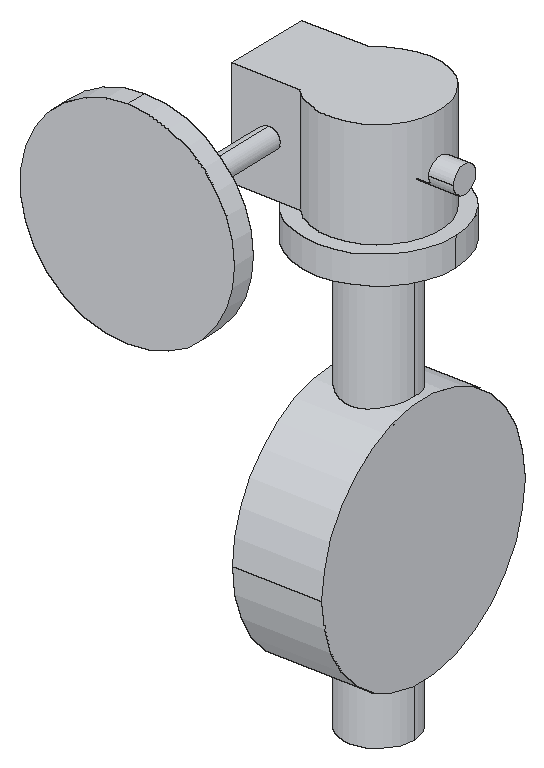
Revit family "HS497-67_disk-litina-převodové kolo DN100-RFA_2018", category Pipe Accessories, Revit 2018
Family settings
  Round Connector Dimension = Use Diameter
  Part Type = Valve - Breaks Into
  Work Plane-Based = No
  Always vertical = Yes
  Cut with Voids When Loaded = No
  Shared = No
Parameters (values of type "HS 497-67_DN100_PN16_převodové kolo")
  magiProductId = "11e91b807e674d428c8e796fcdcfe2"
  magiProductFamilyId = "53cea81e6f374d17b8841d9c72ad77"
  magiPartTypeId = 305
  isMeasuringValve [instance] = no
  ang2D [instance] = 0.00°
  X11 = 61.456 mm
  X1 = 25.456 mm
  W2D = 1000 mm
  VersionID = "2.0/2017.9.26.1/ZETKAMA_497_001"
  Use Minimum Symbol Size [instance] = yes
  URL = "http://www.hydronic.cz"
  Type Comments = "mezipřírubová; litinový disk; PN16; -10~+110°C (krátkodobě +120°C)"
  SW30 = yes
  SW3 = yes
  SW21 = no
  SW20 = no
  SW2 = no
  SW1 = no
  R = 50 mm
  QmdConnectorList = "301;D;302;D"
  Productdata [instance] = ""
  NC = 50 mm
  Model = ""
  Manufacturer = "Hydronic Systems Prague s.r.o."
  MM20 = 25.456 mm
  MC Product Code = "125 100 (litinový disk, s převodovým kolem; DN100; PN16, kvs512)"
  M41 = 65.25 mm
  M4 = 43.5 mm
  LHL = 220 mm
  LHH3 = 2.45 mm
  LHH1 = 46.55 mm
  LH1 = 73.333 mm
  L4R__ve = -L4R  # -12.8 mm
  L4R = 12.8 mm
  L42__ve = -L42  # -96 mm
  L42 = 96 mm
  L41__ve = -L41  # -19.2 mm
  L41 = 19.2 mm
  L2D_Min = 3048 mm
  L2D = 216 mm
  L2 = 26 mm
  L1 = 41.6 mm
  L = 52 mm
  H = 30 mm
  G22 = 11.25 mm
  G2 = 22.5 mm
  G1 = 90 mm
  G = 90 mm
  F = 11 mm
  E44 = 31.25 mm
  E42 = 62.5 mm
  E4 = 125 mm
  E23 = 4.9 mm
  E22 = 19.6 mm
  E21 = 9.8 mm
  Description = "Mezipřírubová uzavírací klapka s převodovým kolem; litinový disk, DN100; PN16; kvs512"
  DR2 = 50 mm
  DR = 147 mm
  DD1 = 15.625 mm
  DD = 12.5 mm
  D = 100 mm
  CAT0 = yes
  B2__ve = -B2  # -56 mm
  B2 = 56 mm
  A2 = 16.5 mm
  A1 = 98.5 mm
Types (43, lengths in mm): name | magiProductId | X11 | X1 | Type Comments | SW30 | SW3 | SW20 | SW2 | SW1 | R | NC | MM20 | MC Product Code | M41 | M4 | LHL | LHH3 | LHH1 | LH1 | L4R__ve | L4R | L42__ve | L42 | L41__ve | L41 | L2 | L1 | L | H | G | F | E44 | E42 | E4 | E23 | E22 | E21 | Description | DR2 | DR | DD1 | DD | D | B2__ve | B2 | A2 | A1
  HS 497-67_DN100_PN16_volné vřeteno | "65d1b245f4f142c78569c0602d5754" | 61.456 | 25.456 | "mezipřírubová; litinový disk; PN16; -10~+110°C (krátkodobě +120°C)" | no | no | no | no | yes | 50 | 50 | 25.456 | "123 100 (litinový disk, s volným vřetenem; DN100; PN16, kvs512)" | 66 | 44 | 220 | 2.45 | 46.55 | 73.333 | -12.8 | 12.8 | -96 | 96 | -19.2 | 19.2 | 26 | 41.6 | 52 | 30 | 90 | 11 | 31.25 | 62.5 | 125 | 4.9 | 19.6 | 9.8 | "Mezipřírubová uzavírací klapka s volným vřetenem; litinový disk, DN100; PN16; kvs512" | 50 | 147 | 15.625 | 12.5 | 100 | -56 | 56 | 16.5 | 98.5
  HS 497-67_DN100_PN16_převodové kolo | "11e91b807e674d428c8e796fcdcfe2" | 61.456 | 25.456 | "mezipřírubová; litinový disk; PN16; -10~+110°C (krátkodobě +120°C)" | yes | yes | no | no | no | 50 | 50 | 25.456 | "125 100 (litinový disk, s převodovým kolem; DN100; PN16, kvs512)" | 65.25 | 43.5 | 220 | 2.45 | 46.55 | 73.333 | -12.8 | 12.8 | -96 | 96 | -19.2 | 19.2 | 26 | 41.6 | 52 | 30 | 90 | 11 | 31.25 | 62.5 | 125 | 4.9 | 19.6 | 9.8 | "Mezipřírubová uzavírací klapka s převodovým kolem; litinový disk, DN100; PN16; kvs512" | 50 | 147 | 15.625 | 12.5 | 100 | -56 | 56 | 16.5 | 98.5
  HS 497-67_DN100_PN16_s pákou | "28172f0b3f4b47b28323ac71cf8749" | 61.456 | 25.456 | "mezipřírubová; litinový disk; PN16; -10~+110°C (krátkodobě +120°C)" | no | no | yes | yes | no | 50 | 50 | 25.456 | "120 100 (litinový disk, s pákou; DN100; PN16, kvs512)" | 66 | 44 | 260 | 3 | 57 | 86.667 | -12.8 | 12.8 | -96 | 96 | -19.2 | 19.2 | 26 | 41.6 | 52 | 30 | 90 | 11 | 31.25 | 62.5 | 125 | 6 | 24 | 12 | "Mezipřírubová uzavírací klapka s pákou; litinový disk, DN100; PN16; kvs512" | 50 | 147 | 15.625 | 12.5 | 100 | -56 | 56 | 16.5 | 98.5
  HS 497-67_DN125_PN16_volné vřeteno | "0d813d910fc14f628bb3c2efbd185c" | 61.456 | 25.456 | "mezipřírubová; litinový disk; PN16; -10~+110°C (krátkodobě +120°C)" | no | no | no | no | yes | 62.5 | 50 | 25.456 | "123 125 (litinový disk, s volným vřetenem; DN125; PN16, kvs872)" | 66 | 44 | 220 | 2.45 | 46.55 | 73.333 | -12.8 | 12.8 | -96 | 96 | -19.2 | 19.2 | 28 | 44.8 | 56 | 33 | 90 | 14 | 31.25 | 62.5 | 125 | 4.9 | 19.6 | 9.8 | "Mezipřírubová uzavírací klapka s volným vřetenem; litinový disk, DN125; PN16; kvs872" | 62.5 | 180 | 15.625 | 12.5 | 125 | -64 | 64 | 18 | 99.5
  HS 497-67_DN125_PN16_převodové kolo | "c56b7c13f372467684996fb1e0e229" | 61.456 | 25.456 | "mezipřírubová; litinový disk; PN16; -10~+110°C (krátkodobě +120°C)" | yes | yes | no | no | no | 62.5 | 50 | 25.456 | "125 125 (litinový disk, s převodovým kolem; DN125; PN16, kvs872)" | 65.25 | 43.5 | 220 | 2.45 | 46.55 | 73.333 | -13.5 | 13.5 | -101.25 | 101.25 | -20.25 | 20.25 | 28 | 44.8 | 56 | 33 | 90 | 14 | 40 | 80 | 160 | 4.9 | 19.6 | 9.8 | "Mezipřírubová uzavírací klapka s převodovým kolem; litinový disk, DN125; PN16; kvs872" | 62.5 | 180 | 20 | 16 | 125 | -64 | 64 | 18 | 99.5
  HS 497-67_DN125_PN16_s pákou | "105993c79a91492399feef7931321a" | 61.456 | 25.456 | "mezipřírubová; litinový disk; PN16; -10~+110°C (krátkodobě +120°C)" | no | no | yes | yes | no | 62.5 | 50 | 25.456 | "120 125 (litinový disk, s pákou; DN125; PN16, kvs872)" | 66 | 44 | 315 | 3.75 | 71.25 | 105 | -12.8 | 12.8 | -96 | 96 | -19.2 | 19.2 | 28 | 44.8 | 56 | 33 | 90 | 14 | 31.25 | 62.5 | 125 | 7.5 | 30 | 15 | "Mezipřírubová uzavírací klapka s pákou; litinový disk, DN125; PN16; kvs872" | 62.5 | 180 | 15.625 | 12.5 | 125 | -64 | 64 | 18 | 99.5
  HS 497-67_DN150_PN16_volné vřeteno | "50c80cb8ab434f55ab7796e5ac1331" | 61.456 | 25.456 | "mezipřírubová; litinový disk; PN16; -10~+110°C (krátkodobě +120°C)" | no | no | no | no | yes | 75 | 50 | 25.456 | "123 150 (litinový disk, s volným vřetenem; DN150; PN16, kvs1347)" | 66 | 44 | 220 | 2.45 | 46.55 | 73.333 | -12.8 | 12.8 | -96 | 96 | -19.2 | 19.2 | 28 | 44.8 | 56 | 33 | 90 | 14 | 31.25 | 62.5 | 125 | 4.9 | 19.6 | 9.8 | "Mezipřírubová uzavírací klapka s volným vřetenem; litinový disk, DN150; PN16; kvs1347" | 75 | 206 | 15.625 | 12.5 | 150 | -58 | 58 | 19.3 | 98.7
  HS 497-67_DN150_PN16_převodové kolo | "d94a1a0cf83b476eb10011b327f709" | 61.456 | 25.456 | "mezipřírubová; litinový disk; PN16; -10~+110°C (krátkodobě +120°C)" | yes | yes | no | no | no | 75 | 50 | 25.456 | "125 150 (litinový disk, s převodovým kolem; DN150; PN16, kvs1347)" | 65.25 | 43.5 | 220 | 2.45 | 46.55 | 73.333 | -13.5 | 13.5 | -101.25 | 101.25 | -20.25 | 20.25 | 28 | 44.8 | 56 | 33 | 90 | 14 | 40 | 80 | 160 | 4.9 | 19.6 | 9.8 | "Mezipřírubová uzavírací klapka s převodovým kolem; litinový disk, DN150; PN16; kvs1347" | 75 | 206 | 20 | 16 | 150 | -58 | 58 | 19.3 | 98.7
  HS 497-67_DN150_PN16_s pákou | "4d2835523fe84828bc50ff0a5a0dfb" | 61.456 | 25.456 | "mezipřírubová; litinový disk; PN16; -10~+110°C (krátkodobě +120°C)" | no | no | yes | yes | no | 75 | 50 | 25.456 | "120 150 (litinový disk, s pákou; DN150; PN16, kvs1347)" | 66 | 44 | 315 | 3.75 | 71.25 | 105 | -12.8 | 12.8 | -96 | 96 | -19.2 | 19.2 | 28 | 44.8 | 56 | 33 | 90 | 14 | 31.25 | 62.5 | 125 | 7.5 | 30 | 15 | "Mezipřírubová uzavírací klapka s pákou; litinový disk, DN150; PN16; kvs1347" | 75 | 206 | 15.625 | 12.5 | 150 | -58 | 58 | 19.3 | 98.7
  HS 497-67_DN200_PN16_volné vřeteno | "5b29029eaeba47139ee1055a4b9201" | 61.456 | 25.456 | "mezipřírubová; litinový disk; PN16; -10~+110°C (krátkodobě +120°C)" | no | no | no | no | yes | 100 | 50 | 25.456 | "123 200 (litinový disk, s volným vřetenem; DN200; PN16, kvs2675)" | 66 | 44 | 220 | 2.45 | 46.55 | 73.333 | -12.8 | 12.8 | -96 | 96 | -19.2 | 19.2 | 30 | 48 | 60 | 33 | 90 | 17 | 31.25 | 62.5 | 125 | 4.9 | 19.6 | 9.8 | "Mezipřírubová uzavírací klapka s volným vřetenem; litinový disk, DN200; PN16; kvs2675" | 100 | 257 | 15.625 | 12.5 | 200 | -70 | 70 | 22.5 | 102.5
  HS 497-67_DN200_PN16_převodové kolo | "b2793cc1fcc44cf2a35062cd67c04f" | 61.456 | 25.456 | "mezipřírubová; litinový disk; PN16; -10~+110°C (krátkodobě +120°C)" | yes | yes | no | no | no | 100 | 57 | 25.456 | "125 200 (litinový disk, s převodovým kolem; DN200; PN16, kvs2675)" | 78.75 | 52.5 | 220 | 2.45 | 46.55 | 73.333 | -15.2 | 15.2 | -114 | 114 | -22.8 | 22.8 | 30 | 48 | 60 | 33 | 90 | 17 | 50 | 100 | 200 | 4.9 | 19.6 | 9.8 | "Mezipřírubová uzavírací klapka s převodovým kolem; litinový disk, DN200; PN16; kvs2675" | 100 | 257 | 25 | 20 | 200 | -70 | 70 | 22.5 | 102.5
  HS 497-67_DN200_PN16_s pákou | "f88d96c7af224537a51e72d7d8fffe" | 61.456 | 25.456 | "mezipřírubová; litinový disk; PN16; -10~+110°C (krátkodobě +120°C)" | no | no | yes | yes | no | 100 | 50 | 25.456 | "120 200 (litinový disk, s pákou; DN200; PN16, kvs2675)" | 66 | 44 | 315 | 3.75 | 71.25 | 105 | -12.8 | 12.8 | -96 | 96 | -19.2 | 19.2 | 30 | 48 | 60 | 33 | 90 | 17 | 31.25 | 62.5 | 125 | 7.5 | 30 | 15 | "Mezipřírubová uzavírací klapka s pákou; litinový disk, DN200; PN16; kvs2675" | 100 | 257 | 15.625 | 12.5 | 200 | -70 | 70 | 22.5 | 102.5
  HS 497-67_DN250_PN16_volné vřeteno | "b662e8305ca2402b9c510e66e6aa55" | 88.77 | 36.77 | "mezipřírubová; litinový disk; PN16; -10~+110°C (krátkodobě +120°C)" | no | no | no | no | yes | 125 | 50 | 36.77 | "123 250 (litinový disk, s volným vřetenem; DN250; PN16, kvs4555)" | 66 | 44 | 220 | 2.45 | 46.55 | 73.333 | -12.8 | 12.8 | -96 | 96 | -19.2 | 19.2 | 34 | 54.4 | 68 | 23 | 130 | 22 | 31.25 | 62.5 | 125 | 4.9 | 19.6 | 9.8 | "Mezipřírubová uzavírací klapka s volným vřetenem; litinový disk, DN250; PN16; kvs4555" | 125 | 324 | 15.625 | 12.5 | 250 | -85 | 85 | 28.25 | 129.25
  HS 497-67_DN250_PN16_převodové kolo | "5ee9016806664ddfaa2632711f295c" | 88.77 | 36.77 | "mezipřírubová; litinový disk; PN16; -10~+110°C (krátkodobě +120°C)" | yes | yes | no | no | no | 125 | 70 | 36.77 | "125 250 (litinový disk, s převodovým kolem; DN250; PN16, kvs4555)" | 91.5 | 61 | 220 | 2.45 | 46.55 | 73.333 | -22.2 | 22.2 | -166.5 | 166.5 | -33.3 | 33.3 | 34 | 54.4 | 68 | 23 | 130 | 22 | 62.5 | 125 | 250 | 4.9 | 19.6 | 9.8 | "Mezipřírubová uzavírací klapka s převodovým kolem; litinový disk, DN250; PN16; kvs4555" | 125 | 324 | 31.25 | 25 | 250 | -85 | 85 | 28.25 | 129.25
  HS 497-67_DN300_PN16_volné vřeteno | "e1886f51ff004380a649519258edf2" | 88.77 | 36.77 | "mezipřírubová; litinový disk; PN16; -10~+110°C (krátkodobě +120°C)" | no | no | no | no | yes | 150 | 50 | 36.77 | "123 300 (litinový disk, s volným vřetenem; DN300; PN16, kvs7037)" | 66 | 44 | 220 | 2.45 | 46.55 | 73.333 | -12.8 | 12.8 | -96 | 96 | -19.2 | 19.2 | 39 | 62.4 | 78 | 23 | 130 | 22 | 31.25 | 62.5 | 125 | 4.9 | 19.6 | 9.8 | "Mezipřírubová uzavírací klapka s volným vřetenem; litinový disk, DN300; PN16; kvs7037" | 150 | 376 | 15.625 | 12.5 | 300 | -90 | 90 | 30.8 | 127.2
  HS 497-67_DN300_PN16_převodové kolo | "6860f094f77d42088fbebc3c97f755" | 88.77 | 36.77 | "mezipřírubová; litinový disk; PN16; -10~+110°C (krátkodobě +120°C)" | yes | yes | no | no | no | 150 | 70 | 36.77 | "125 300 (litinový disk, s převodovým kolem; DN300; PN16, kvs7037)" | 91.5 | 61 | 220 | 2.45 | 46.55 | 73.333 | -22.2 | 22.2 | -166.5 | 166.5 | -33.3 | 33.3 | 39 | 62.4 | 78 | 23 | 130 | 22 | 62.5 | 125 | 250 | 4.9 | 19.6 | 9.8 | "Mezipřírubová uzavírací klapka s převodovým kolem; litinový disk, DN300; PN16; kvs7037" | 150 | 376 | 31.25 | 25 | 300 | -90 | 90 | 30.8 | 127.2
  HS 497-67_DN032_PN16_volné vřeteno | "8c5f65de52aa4067a77564107e31b2" | 61.456 | 25.456 | "mezipřírubová; litinový disk; PN16; -10~+110°C (krátkodobě +120°C)" | no | no | no | no | yes | 16 | 50 | 25.456 | "123 032 (litinový disk, s volným vřetenem; DN32; PN16, kvs78)" | 66 | 44 | 220 | 2.45 | 46.55 | 73.333 | -12.8 | 12.8 | -96 | 96 | -19.2 | 19.2 | 16.5 | 26.4 | 33 | 30 | 90 | 11 | 31.25 | 62.5 | 125 | 4.9 | 19.6 | 9.8 | "Mezipřírubová uzavírací klapka s volným vřetenem; litinový disk, DN32; PN16; kvs78" | 16 | 68 | 15.625 | 12.5 | 32 | -44.2 | 44.2 | 10.25 | 76.25
  HS 497-67_DN032_PN16_převodové kolo | "60aaeffa8b3a4e809ef000e4660060" | 61.456 | 25.456 | "mezipřírubová; litinový disk; PN16; -10~+110°C (krátkodobě +120°C)" | yes | yes | no | no | no | 16 | 50 | 25.456 | "125 032 (litinový disk, s převodovým kolem; DN32; PN16, kvs78)" | 65.25 | 43.5 | 220 | 2.45 | 46.55 | 73.333 | -12.8 | 12.8 | -96 | 96 | -19.2 | 19.2 | 16.5 | 26.4 | 33 | 30 | 90 | 11 | 31.25 | 62.5 | 125 | 4.9 | 19.6 | 9.8 | "Mezipřírubová uzavírací klapka s převodovým kolem; litinový disk, DN32; PN16; kvs78" | 16 | 68 | 15.625 | 12.5 | 32 | -44.2 | 44.2 | 10.25 | 76.25
  HS 497-67_DN032_PN16_s pákou | "9ad8088d610749a1b871aa2aad8007" | 61.456 | 25.456 | "mezipřírubová; litinový disk; PN16; -10~+110°C (krátkodobě +120°C)" | no | no | yes | yes | no | 16 | 50 | 25.456 | "120 032 (litinový disk, s pákou; DN32; PN16, kvs78)" | 66 | 44 | 220 | 2.45 | 46.55 | 73.333 | -12.8 | 12.8 | -96 | 96 | -19.2 | 19.2 | 16.5 | 26.4 | 33 | 30 | 90 | 11 | 31.25 | 62.5 | 125 | 4.9 | 19.6 | 9.8 | "Mezipřírubová uzavírací klapka s pákou; litinový disk, DN32; PN16; kvs78" | 16 | 68 | 15.625 | 12.5 | 32 | -44.2 | 44.2 | 10.25 | 76.25
  HS 497-67_DN350_PN10_volné vřeteno | "72a1e05f22944421b7e9596a877137" | 109.255 | 45.255 | "mezipřírubová; litinový disk; PN10; -10~+110°C (krátkodobě +120°C)" | no | no | no | no | yes | 175 | 50 | 45.255 | "123 350 (litinový disk, s volným vřetenem; DN350; PN10, kvs10165)" | 66 | 44 | 220 | 2.45 | 46.55 | 73.333 | -12.8 | 12.8 | -96 | 96 | -19.2 | 19.2 | 39 | 62.4 | 78 | 31 | 160 | 22 | 31.25 | 62.5 | 125 | 4.9 | 19.6 | 9.8 | "Mezipřírubová uzavírací klapka s volným vřetenem; litinový disk, DN350; PN10; kvs10165" | 175 | 430 | 15.625 | 12.5 | 350 | -88 | 88 | 33.85 | 129.65
  HS 497-67_DN350_PN10_převodové kolo | "a5a01426cb28494ba3afca92f1dace" | 109.255 | 45.255 | "mezipřírubová; litinový disk; PN10; -10~+110°C (krátkodobě +120°C)" | yes | yes | no | no | no | 175 | 70 | 45.255 | "125 350 (litinový disk, s převodovým kolem; DN350; PN10, kvs10165)" | 91.5 | 61 | 220 | 2.45 | 46.55 | 73.333 | -22.2 | 22.2 | -166.5 | 166.5 | -33.3 | 33.3 | 39 | 62.4 | 78 | 31 | 160 | 22 | 62.5 | 125 | 250 | 4.9 | 19.6 | 9.8 | "Mezipřírubová uzavírací klapka s převodovým kolem; litinový disk, DN350; PN10; kvs10165" | 175 | 430 | 31.25 | 25 | 350 | -88 | 88 | 33.85 | 129.65
  HS 497-67_DN400_PN10_volné vřeteno | "c70ebeb927c04ab99b176e257ad0a7" | 109.255 | 45.255 | "mezipřírubová; litinový disk; PN10; -10~+110°C (krátkodobě +120°C)" | no | no | no | no | yes | 200 | 50 | 45.255 | "123 400 (litinový disk, s volným vřetenem; DN400; PN10, kvs13799)" | 66 | 44 | 220 | 2.45 | 46.55 | 73.333 | -12.8 | 12.8 | -96 | 96 | -19.2 | 19.2 | 51 | 81.6 | 102 | 31 | 160 | 27 | 31.25 | 62.5 | 125 | 4.9 | 19.6 | 9.8 | "Mezipřírubová uzavírací klapka s volným vřetenem; litinový disk, DN400; PN10; kvs13799" | 200 | 485 | 15.625 | 12.5 | 400 | -108 | 108 | 38 | 142
  HS 497-67_DN400_PN10_převodové kolo | "cc64a4384dcb41b780d81810f4f293" | 109.255 | 45.255 | "mezipřírubová; litinový disk; PN10; -10~+110°C (krátkodobě +120°C)" | yes | yes | no | no | no | 200 | 72.5 | 45.255 | "125 400 (litinový disk, s převodovým kolem; DN400; PN10, kvs13799)" | 103.5 | 69 | 220 | 2.45 | 46.55 | 73.333 | -27.8 | 27.8 | -208.5 | 208.5 | -41.7 | 41.7 | 51 | 81.6 | 102 | 31 | 160 | 27 | 75 | 150 | 300 | 4.9 | 19.6 | 9.8 | "Mezipřírubová uzavírací klapka s převodovým kolem; litinový disk, DN400; PN10; kvs13799" | 200 | 485 | 37.5 | 30 | 400 | -108 | 108 | 38 | 142
  HS 497-67_DN040_PN16_volné vřeteno | "35f92312390745e88df5b5c325d9ee" | 61.456 | 25.456 | "mezipřírubová; litinový disk; PN16; -10~+110°C (krátkodobě +120°C)" | no | no | no | no | yes | 20 | 50 | 25.456 | "123 040 (litinový disk, s volným vřetenem; DN40; PN16, kvs78)" | 66 | 44 | 220 | 2.45 | 46.55 | 73.333 | -12.8 | 12.8 | -96 | 96 | -19.2 | 19.2 | 16.5 | 26.4 | 33 | 30 | 90 | 11 | 31.25 | 62.5 | 125 | 4.9 | 19.6 | 9.8 | "Mezipřírubová uzavírací klapka s volným vřetenem; litinový disk, DN40; PN16; kvs78" | 20 | 76 | 15.625 | 12.5 | 40 | -36 | 36 | 11 | 79
  HS 497-67_DN040_PN16_převodové kolo | "d88e968eae3445bc9b7b4e6ff35127" | 61.456 | 25.456 | "mezipřírubová; litinový disk; PN16; -10~+110°C (krátkodobě +120°C)" | yes | yes | no | no | no | 20 | 50 | 25.456 | "125 040 (litinový disk, s převodovým kolem; DN40; PN16, kvs78)" | 65.25 | 43.5 | 220 | 2.45 | 46.55 | 73.333 | -12.8 | 12.8 | -96 | 96 | -19.2 | 19.2 | 16.5 | 26.4 | 33 | 30 | 90 | 11 | 31.25 | 62.5 | 125 | 4.9 | 19.6 | 9.8 | "Mezipřírubová uzavírací klapka s převodovým kolem; litinový disk, DN40; PN16; kvs78" | 20 | 76 | 15.625 | 12.5 | 40 | -36 | 36 | 11 | 79
  HS 497-67_DN040_PN16_s pákou | "c1b522ca65b4407a98818f232eaacb" | 61.456 | 25.456 | "mezipřírubová; litinový disk; PN16; -10~+110°C (krátkodobě +120°C)" | no | no | yes | yes | no | 20 | 50 | 25.456 | "120 040 (litinový disk, s pákou; DN40; PN16, kvs78)" | 66 | 44 | 220 | 2.45 | 46.55 | 73.333 | -12.8 | 12.8 | -96 | 96 | -19.2 | 19.2 | 16.5 | 26.4 | 33 | 30 | 90 | 11 | 31.25 | 62.5 | 125 | 4.9 | 19.6 | 9.8 | "Mezipřírubová uzavírací klapka s pákou; litinový disk, DN40; PN16; kvs78" | 20 | 76 | 15.625 | 12.5 | 40 | -36 | 36 | 11 | 79
  HS 497-67_DN450_PN10_volné vřeteno | "a8358bc282f14872b3194e530e590a" | 129.74 | 53.74 | "mezipřírubová; litinový disk; PN10; -10~+110°C (krátkodobě +120°C)" | no | no | no | no | yes | 225 | 50 | 53.74 | "123 450 (litinový disk, s volným vřetenem; DN450; PN10, kvs18514)" | 66 | 44 | 220 | 2.45 | 46.55 | 73.333 | -12.8 | 12.8 | -96 | 96 | -19.2 | 19.2 | 57 | 91.2 | 114 | 38 | 190 | 36 | 31.25 | 62.5 | 125 | 4.9 | 19.6 | 9.8 | "Mezipřírubová uzavírací klapka s volným vřetenem; litinový disk, DN450; PN10; kvs18514" | 225 | 536 | 15.625 | 12.5 | 450 | -115 | 115 | 38.05 | 117.45
  HS 497-67_DN450_PN10_převodové kolo | "cdf2d80f54a9414f9cbe50647c0ebd" | 129.74 | 53.74 | "mezipřírubová; litinový disk; PN10; -10~+110°C (krátkodobě +120°C)" | yes | yes | no | no | no | 225 | 91.5 | 53.74 | "125 450 (litinový disk, s převodovým kolem; DN450; PN10, kvs18514)" | 144.75 | 96.5 | 220 | 2.45 | 46.55 | 73.333 | -32.1 | 32.1 | -240.75 | 240.75 | -48.15 | 48.15 | 57 | 91.2 | 114 | 38 | 190 | 36 | 100 | 200 | 400 | 4.9 | 19.6 | 9.8 | "Mezipřírubová uzavírací klapka s převodovým kolem; litinový disk, DN450; PN10; kvs18514" | 225 | 536 | 50 | 40 | 450 | -115 | 115 | 38.05 | 117.45
  HS 497-67_DN500_PN10_volné vřeteno | "8c396e27bb2743f98f3c762b6517cd" | 143.397 | 59.397 | "mezipřírubová; litinový disk; PN10; -10~+110°C (krátkodobě +120°C)" | no | no | no | no | yes | 250 | 50 | 59.397 | "123 500 (litinový disk, s volným vřetenem; DN500; PN10, kvs23805)" | 66 | 44 | 220 | 2.45 | 46.55 | 73.333 | -12.8 | 12.8 | -96 | 96 | -19.2 | 19.2 | 63.5 | 101.6 | 127 | 38 | 210 | 36 | 31.25 | 62.5 | 125 | 4.9 | 19.6 | 9.8 | "Mezipřírubová uzavírací klapka s volným vřetenem; litinový disk, DN500; PN10; kvs23805" | 250 | 593 | 15.625 | 12.5 | 500 | -130 | 130 | 43.25 | 139.25
  HS 497-67_DN500_PN10_převodové kolo | "7647804f32e94cef828a7034a91a46" | 143.397 | 59.397 | "mezipřírubová; litinový disk; PN10; -10~+110°C (krátkodobě +120°C)" | yes | yes | no | no | no | 250 | 91.5 | 59.397 | "125 500 (litinový disk, s převodovým kolem; DN500; PN10, kvs23805)" | 144.75 | 96.5 | 220 | 2.45 | 46.55 | 73.333 | -32.1 | 32.1 | -240.75 | 240.75 | -48.15 | 48.15 | 63.5 | 101.6 | 127 | 38 | 210 | 36 | 100 | 200 | 400 | 4.9 | 19.6 | 9.8 | "Mezipřírubová uzavírací klapka s převodovým kolem; litinový disk, DN500; PN10; kvs23805" | 250 | 593 | 50 | 40 | 500 | -130 | 130 | 43.25 | 139.25
  HS 497-67_DN050_volné vřeteno | "d71f296ecd6d4adf8f6e5d9853b4e0" | 61.456 | 25.456 | "mezipřírubová; litinový disk; PN16; -10~+110°C (krátkodobě +120°C)" | no | no | no | no | yes | 25 | 50 | 25.456 | "123 050 (litinový disk, s volným vřetenem; DN50; PN16, kvs98)" | 66 | 44 | 220 | 2.45 | 46.55 | 73.333 | -12.8 | 12.8 | -96 | 96 | -19.2 | 19.2 | 21.5 | 34.4 | 43 | 30 | 90 | 11 | 31.25 | 62.5 | 125 | 4.9 | 19.6 | 9.8 | "Mezipřírubová uzavírací klapka s volným vřetenem; litinový disk, DN50; PN16; kvs98" | 25 | 100 | 15.625 | 12.5 | 50 | -36.5 | 36.5 | 12 | 83
  HS 497-67_DN050_PN16_převodové kolo | "2fb080deeaed49c58418b94c1da5a4" | 61.456 | 25.456 | "mezipřírubová; litinový disk; PN16; -10~+110°C (krátkodobě +120°C)" | yes | yes | no | no | no | 25 | 50 | 25.456 | "125 050 (litinový disk, s převodovým kolem; DN50; PN16, kvs98)" | 65.25 | 43.5 | 220 | 2.45 | 46.55 | 73.333 | -12.8 | 12.8 | -96 | 96 | -19.2 | 19.2 | 21.5 | 34.4 | 43 | 30 | 90 | 11 | 31.25 | 62.5 | 125 | 4.9 | 19.6 | 9.8 | "Mezipřírubová uzavírací klapka s převodovým kolem; litinový disk, DN50; PN16; kvs98" | 25 | 100 | 15.625 | 12.5 | 50 | -36.5 | 36.5 | 12 | 83
  HS 497-67_DN050_PN16_s pákou | "dabc632061f94877a994b9b4e68112" | 61.456 | 25.456 | "mezipřírubová; litinový disk; PN16; -10~+110°C (krátkodobě +120°C)" | no | no | yes | yes | no | 25 | 50 | 25.456 | "120 050 (litinový disk, s pákou; DN50; PN16, kvs98)" | 66 | 44 | 220 | 2.45 | 46.55 | 73.333 | -12.8 | 12.8 | -96 | 96 | -19.2 | 19.2 | 21.5 | 34.4 | 43 | 30 | 90 | 11 | 31.25 | 62.5 | 125 | 4.9 | 19.6 | 9.8 | "Mezipřírubová uzavírací klapka s pákou; litinový disk, DN50; PN16; kvs98" | 25 | 100 | 15.625 | 12.5 | 50 | -36.5 | 36.5 | 12 | 83
  HS 497-67_DN600_PN10_volné vřeteno | "99d5892c14664fce81a7c5903f7711" | 143.397 | 59.397 | "mezipřírubová; litinový disk; PN10; -10~+110°C (krátkodobě +120°C)" | no | no | no | no | yes | 300 | 50 | 59.397 | "123 600 (litinový disk, s volným vřetenem; DN600; PN10, kvs36778)" | 66 | 44 | 220 | 2.45 | 46.55 | 73.333 | -12.8 | 12.8 | -96 | 96 | -19.2 | 19.2 | 77 | 123.2 | 154 | 80 | 210 | 60 | 31.25 | 62.5 | 125 | 4.9 | 19.6 | 9.8 | "Mezipřírubová uzavírací klapka s volným vřetenem; litinový disk, DN600; PN10; kvs36788" | 300 | 690 | 15.625 | 12.5 | 600 | -140 | 140 | 49.4 | 144.6
  HS 497-67_DN600_PN10_převodové kolo | "b1e26faab48a4c499f6bb11e7e3002" | 143.397 | 59.397 | "mezipřírubová; litinový disk; PN10; -10~+110°C (krátkodobě +120°C)" | yes | yes | no | no | no | 300 | 140 | 59.397 | "125 600 (litinový disk, s převodovým kolem; DN600; PN10, kvs36778)" | 206.25 | 137.5 | 220 | 2.45 | 46.55 | 73.333 | -40.8 | 40.8 | -306 | 306 | -61.2 | 61.2 | 77 | 123.2 | 154 | 80 | 210 | 60 | 125 | 250 | 500 | 4.9 | 19.6 | 9.8 | "Mezipřírubová uzavírací klapka s převodovým kolem; litinový disk, DN600; PN10; kvs36788" | 300 | 690 | 62.5 | 50 | 600 | -140 | 140 | 49.4 | 144.6
  HS 497-67_DN065_PN16_volné vřeteno | "5e5e208646e34ec29f889baab5d08e" | 61.456 | 25.456 | "mezipřírubová; litinový disk; PN16; -10~+110°C (krátkodobě +120°C)" | no | no | no | no | yes | 32.5 | 50 | 25.456 | "123 065 (litinový disk, s volným vřetenem; DN65; PN16, kvs167)" | 66 | 44 | 220 | 2.45 | 46.55 | 73.333 | -12.8 | 12.8 | -96 | 96 | -19.2 | 19.2 | 23 | 36.8 | 46 | 30 | 90 | 11 | 31.25 | 62.5 | 125 | 4.9 | 19.6 | 9.8 | "Mezipřírubová uzavírací klapka s volným vřetenem; litinový disk, DN65; PN16; kv167" | 32.5 | 108 | 15.625 | 12.5 | 65 | -36.5 | 36.5 | 13.5 | 89
  HS 497-67_DN065_PN16_převodové kolo | "654d74c8d15540b0bfe523d988ccb3" | 61.456 | 25.456 | "mezipřírubová; litinový disk; PN16; -10~+110°C (krátkodobě +120°C)" | yes | yes | no | no | no | 32.5 | 50 | 25.456 | "125 065 (litinový disk, s převodovým kolem; DN65; PN16, kvs167)" | 65.25 | 43.5 | 220 | 2.45 | 46.55 | 73.333 | -12.8 | 12.8 | -96 | 96 | -19.2 | 19.2 | 23 | 36.8 | 46 | 30 | 90 | 11 | 31.25 | 62.5 | 125 | 4.9 | 19.6 | 9.8 | "Mezipřírubová uzavírací klapka s převodovým kolem; litinový disk, DN65; PN16; kvs167" | 32.5 | 108 | 15.625 | 12.5 | 65 | -36.5 | 36.5 | 13.5 | 89
  HS 497-67_DN065_PN16_s pákou | "ebeb4b59db0641caaf6d6635ab37b9" | 61.456 | 25.456 | "mezipřírubová; litinový disk; PN16; -10~+110°C (krátkodobě +120°C)" | no | no | yes | yes | no | 32.5 | 50 | 25.456 | "120 065 (litinový disk, s pákou; DN65; PN16, kvs167)" | 66 | 44 | 220 | 2.45 | 46.55 | 73.333 | -12.8 | 12.8 | -96 | 96 | -19.2 | 19.2 | 23 | 36.8 | 46 | 30 | 90 | 11 | 31.25 | 62.5 | 125 | 4.9 | 19.6 | 9.8 | "Mezipřírubová uzavírací klapka s pákou; litinový disk, DN65; PN16; kvs167" | 32.5 | 108 | 15.625 | 12.5 | 65 | -36.5 | 36.5 | 13.5 | 89
  HS 497-67_DN080_PN16_volné vřeteno | "9e85c75c18654e1185a9c48ed6b00e" | 61.456 | 25.456 | "mezipřírubová; litinový disk; PN16; -10~+110°C (krátkodobě +120°C)" | no | no | no | no | yes | 40 | 50 | 25.456 | "123 080 (litinový disk, s volným vřetenem; DN80; PN16, kvs258)" | 66 | 44 | 220 | 2.45 | 46.55 | 73.333 | -12.8 | 12.8 | -96 | 96 | -19.2 | 19.2 | 23 | 36.8 | 46 | 30 | 90 | 11 | 31.25 | 62.5 | 125 | 4.9 | 19.6 | 9.8 | "Mezipřírubová uzavírací klapka s volným vřetenem; litinový disk, DN80; PN16; kvs258" | 40 | 124 | 15.625 | 12.5 | 80 | -54 | 54 | 14.1 | 86.9
  HS 497-67_DN080_PN16_převodové kolo | "5b3c8238c3d041e68c75b199e7ea46" | 61.456 | 25.456 | "mezipřírubová; litinový disk; PN16; -10~+110°C (krátkodobě +120°C)" | yes | yes | no | no | no | 40 | 50 | 25.456 | "125 080 (litinový disk, s převodovým kolem; DN80; PN16, kvs258)" | 65.25 | 43.5 | 220 | 2.45 | 46.55 | 73.333 | -12.8 | 12.8 | -96 | 96 | -19.2 | 19.2 | 23 | 36.8 | 46 | 30 | 90 | 11 | 31.25 | 62.5 | 125 | 4.9 | 19.6 | 9.8 | "Mezipřírubová uzavírací klapka s převodovým kolem; litinový disk, DN80; PN16; kvs258" | 40 | 124 | 15.625 | 12.5 | 80 | -54 | 54 | 14.1 | 86.9
  HS 497-67_DN080_PN16_s pákou | "e414795fab0f4eccb99bc3572c5477" | 61.456 | 25.456 | "mezipřírubová; litinový disk; PN16; -10~+110°C (krátkodobě +120°C)" | no | no | yes | yes | no | 40 | 50 | 25.456 | "120 080 (litinový disk, s pákou; DN80; PN16, kvs258)" | 66 | 44 | 260 | 3 | 57 | 86.667 | -12.8 | 12.8 | -96 | 96 | -19.2 | 19.2 | 23 | 36.8 | 46 | 30 | 90 | 11 | 31.25 | 62.5 | 125 | 6 | 24 | 12 | "Mezipřírubová uzavírací klapka s pákou; litinový disk, DN80; PN16; kvs258" | 40 | 124 | 15.625 | 12.5 | 80 | -54 | 54 | 14.1 | 86.9
  HS 497-67_DN250_PN16_s pákou | "" | 88.77 | 36.77 | "mezipřírubová; litinový disk; PN16; -10~+110°C (krátkodobě +120°C)" | no | no | yes | yes | no | 125 | 70 | 36.77 | "120 250 (litinový disk, s pákou; DN250; PN16, kvs4555)" | 91.5 | 61 | 220 | 2.45 | 46.55 | 73.333 | -22.2 | 22.2 | -166.5 | 166.5 | -33.3 | 33.3 | 34 | 54.4 | 68 | 23 | 130 | 22 | 62.5 | 125 | 250 | 4.9 | 19.6 | 9.8 | "Mezipřírubová uzavírací klapka s pákou; litinový disk, DN250; PN16; kvs4555" | 125 | 324 | 31.25 | 25 | 250 | -85 | 85 | 28.25 | 129.25
  HS 497-67_DN300_PN16_s pákou | "" | 88.77 | 36.77 | "mezipřírubová; litinový disk; PN16; -10~+110°C (krátkodobě +120°C)" | no | no | yes | yes | no | 150 | 70 | 36.77 | "120 300 (litinový disk, s pákou; DN300; PN16, kvs7037)" | 91.5 | 61 | 220 | 2.45 | 46.55 | 73.333 | -22.2 | 22.2 | -166.5 | 166.5 | -33.3 | 33.3 | 39 | 62.4 | 78 | 23 | 130 | 22 | 62.5 | 125 | 250 | 4.9 | 19.6 | 9.8 | "Mezipřírubová uzavírací klapka s pákou; litinový disk, DN300; PN16; kvs7037" | 150 | 376 | 31.25 | 25 | 300 | -90 | 90 | 30.8 | 127.2
Reference planes
  plane 1 "Center (Front/Back)": y = 0
  plane 2 "XYPLANE": z = 0
  plane 3 "Center (Left/Right)": x = 0
  plane 4 "473": x = -25.456
  plane 5 "472": x = -65.25
  plane 6 "471": y = -25.456
  plane 7 "470": y = 25.456
  plane 8 "469": x = -43.5
  plane 9 "468": y = -115.2
  plane 10 "467": y = -96
  plane 11 "466": z = 196.25
  plane 12 "465": z = 211.55
  plane 13 "464": y = 145.417
  plane 14 "463": z = 201.75
  plane 15 "462": z = 184.6
  plane 16 "461": z = 194.4
  plane 17 "460": y = 72.083
  plane 18 "459": x = -11.25
  plane 19 "458": x = 11.25
  plane 20 "457": y = -6.25
  plane 21 "456": x = -17.5
  plane 22 "455": x = 17.5
  plane 23 "454": z = 199.3
  plane 24 "453": y = 62.083
  plane 25 "452": y = -11.25
  plane 26 "451": x = -22.5
  plane 27 "450": x = 22.5
  plane 28 "449": z = 179.7
  plane 29 "448": z = 174.8
  plane 30 "447": z = -50
  plane 31 "446": z = 165
  plane 32 "445": z = 148.5
  plane 33 "444": z = 50
  plane 34 "443": x = 26
  plane 35 "442": x = -26
  plane 36 "441": z = 0
  plane 37 "440": y = 0
  plane 38 "439": x = 0
  plane 39 "438": z = 214
  plane 40 "437": z = 199.3
  plane 41 "436": x = 13.7
  plane 42 "435": x = -13.7
  plane 43 "434": y = 220
Forms (mm)
  Extrusion 1, solid, visible <- "SW3"
    sketch origin (-750, 0, 165) x (1, 0, 0) y (0, 1, 0)
      loop
        line (684.75, 25.456) -> (684.75, -25.456) -> (724.544, -25.456)
        arc (724.544, -25.456) -> (786, 0) -> (724.544, 25.456) r 36
        line (724.544, 25.456) -> (684.75, 25.456)
    from 0 to 62.5 <- "E42"
  Extrusion 2, solid, visible <- "SW30"
    sketch origin (0, -750, 0) x (0, 1, 0) y (0, 0, 1)
      loop
        circle (750, 196.25) r 7.813
    from 0 to 50 <- "NC"
  Extrusion 3, solid, visible <- "SW30"
    sketch origin (750, -115.2, 0) x (-1, 0, 0) y (0, 0, 1)
      loop
        circle (793.5, 196.25) r 62.5
    from 0 to -12.8 <- "L4R__ve"
  Extrusion 4, solid, visible <- "SW3"
    sketch origin (750, -96, 0) x (-1, 0, 0) y (0, 0, 1)
      loop
        circle (793.5, 196.25) r 7.813
    from 0 to -19.2 <- "L41__ve"
  Extrusion 5, solid, visible <- "SW30"
    sketch origin (750, 0, 0) x (-1, 0, 0) y (0, 0, 1)
      loop
        circle (793.5, 196.25) r 6.25
    from 0 to -96 <- "L42__ve"
  Blend 6, solid, visible <- "SW21"
    base sketch origin (750, 72.083, 0) x (-1, 0, 0) y (0, 0, 1)
      loop
        line (761.25, 194.4) -> (738.75, 194.4) -> (738.75, 184.6) -> (761.25, 184.6) -> (761.25, 194.4)
    top sketch origin (750, 72.083, 0) x (-1, 0, 0) y (0, 0, 1)
      loop
        line (761.25, 211.55) -> (738.75, 211.55) -> (738.75, 201.75) -> (761.25, 201.75) -> (761.25, 211.55)
    from 0 to 73.333
  Blend 7, solid, visible <- "SW21"
    base sketch origin (750, 62.083, 0) x (-1, 0, 0) y (0, 0, 1)
      loop
        line (761.25, 199.3) -> (738.75, 199.3) -> (738.75, 179.7) -> (761.25, 179.7) -> (761.25, 199.3)
    top sketch origin (750, 62.083, 0) x (-1, 0, 0) y (0, 0, 1)
      loop
        line (761.25, 194.4) -> (738.75, 194.4) -> (738.75, 184.6) -> (761.25, 184.6) -> (761.25, 194.4)
    from 0 to 10
  Blend 8, solid, visible <- "SW21"
    base sketch origin (-750, 0, 179.7) x (1, 0, 0) y (0, 1, 0)
      loop
        line (772.5, 62.083) -> (727.5, 62.083) -> (727.5, -11.25)
        arc (727.5, -11.25) -> (750, -31.25) -> (772.5, -11.25) r 22.656
        line (772.5, -11.25) -> (772.5, 62.083)
    top sketch origin (-750, 0, 179.7) x (1, 0, 0) y (0, 1, 0)
      loop
        line (767.5, 62.083) -> (732.5, 62.083) -> (732.5, -6.25)
        arc (732.5, -6.25) -> (750, -26.25) -> (767.5, -6.25) r 17.656
        line (767.5, -6.25) -> (767.5, 62.083)
    from 0 to 19.6
  Extrusion 9, solid, visible <- "SW2"
    sketch origin (-750, 0, 174.8) x (1, 0, 0) y (0, 1, 0)
      loop
        circle (750, 0) r 11.25
    from 0 to 4.9 <- "E23"
  Extrusion 10, solid, visible <- "SW2"
    sketch origin (-750, 0, 165) x (1, 0, 0) y (0, 1, 0)
      loop
        circle (750, 0) r 45
    from 0 to 9.8 <- "E21"
  Extrusion 11, solid, visible <- "CAT0"
    sketch origin (-750, 0, -50) x (1, 0, 0) y (0, 1, 0)
      loop
        circle (750, 0) r 20.8
    from 0 to -56 <- "B2__ve"
  Extrusion 12, solid, visible <- "CAT0"
    sketch origin (-750, 0, 148.5) x (1, 0, 0) y (0, 1, 0)
      loop
        circle (750, 0) r 45
    from 0 to 16.5 <- "A2"
  Extrusion 13, solid, visible <- "CAT0"
    sketch origin (-750, 0, 50) x (1, 0, 0) y (0, 1, 0)
      loop
        circle (750, 0) r 20.8
    from 0 to 98.5 <- "A1"
  Extrusion 14, solid, visible <- "CAT0"
    sketch origin (-26, -750, 0) x (0, 1, 0) y (0, 0, 1)
      loop
        circle (750, 0) r 73.5
    from 0 to 52 <- "L"
  Extrusion 15, solid, visible <- "SW1"
    sketch origin (-750, 0, 165) x (1, 0, 0) y (0, 1, 0)
      loop
        line (755.5, 5.5) -> (744.5, 5.5) -> (744.5, -5.5) -> (755.5, -5.5) -> (755.5, 5.5)
    from 0 to 30 <- "H"
  Blend 16, solid, visible <- "SW2"
    base sketch origin (750, 145.417, 0) x (-1, 0, 0) y (0, 0, 1)
      loop
        arc (763.7, 209) -> (762.236, 212.536) -> (758.7, 214) r 5
        line (758.7, 214) -> (741.3, 214)
        arc (741.3, 214) -> (737.764, 212.536) -> (736.3, 209) r 5
        line (736.3, 209) -> (736.3, 204.3)
        arc (736.3, 204.3) -> (737.764, 200.764) -> (741.3, 199.3) r 5
        line (741.3, 199.3) -> (758.7, 199.3)
        arc (758.7, 199.3) -> (762.236, 200.764) -> (763.7, 204.3) r 5
        line (763.7, 204.3) -> (763.7, 209)
    top sketch origin (750, 145.417, 0) x (-1, 0, 0) y (0, 0, 1)
      loop
        arc (763.7, 209) -> (762.236, 212.536) -> (758.7, 214) r 5
        line (758.7, 214) -> (741.3, 214)
        arc (741.3, 214) -> (737.764, 212.536) -> (736.3, 209) r 5
        line (736.3, 209) -> (736.3, 204.3)
        arc (736.3, 204.3) -> (737.764, 200.764) -> (741.3, 199.3) r 5
        line (741.3, 199.3) -> (758.7, 199.3)
        arc (758.7, 199.3) -> (762.236, 200.764) -> (763.7, 204.3) r 5
        line (763.7, 204.3) -> (763.7, 209)
    from 0 to 74.583
  Blend 17, solid, visible <- "SW20"
    base sketch origin (750, 145.417, 0) x (-1, 0, 0) y (0, 0, 1)
      loop
        line (763.7, 214) -> (736.3, 214) -> (736.3, 199.3) -> (763.7, 199.3) -> (763.7, 214)
    top sketch origin (750, 145.417, 0) x (-1, 0, 0) y (0, 0, 1)
      loop
        line (761.25, 199.3) -> (738.75, 199.3) -> (738.75, 179.7) -> (761.25, 179.7) -> (761.25, 199.3)
    from 0 to -83.333
  Extrusion 18, solid, visible <- "SW20"
    sketch origin (-750, 0, 179.7) x (1, 0, 0) y (0, 1, 0)
      loop
        line (772.5, 62.083) -> (727.5, 62.083) -> (727.5, -11.25)
        arc (727.5, -11.25) -> (750, -31.25) -> (772.5, -11.25) r 22.656
        line (772.5, -11.25) -> (772.5, 62.083)
    from 0 to 19.6 <- "E22"
  Extrusion 19, solid, not visible
    sketch origin (-26, -750, 0) x (0, 1, 0) y (0, 0, 1)
      loop
        circle (750, 0) r 10
    from 0 to 10
  Extrusion 20, solid, not visible
    sketch origin (26, -750, 0) x (0, 1, 0) y (0, 0, 1)
      loop
        circle (750, 0) r 10
    from 0 to -10
Lines and regions (mm)
  reference lines, not visible
    curve 1: circle (2, 2, 0) r 1 normal (0, 0, 1)
  reference lines
    curve 2: line (-25.456, -25.456, 165) -> (-25.456, 25.456, 165)
    curve 3: line (-17.5, -6.25, 179.7) -> (17.5, -6.25, 179.7)
    curve 4: line (-22.5, -11.25, 179.7) -> (22.5, -11.25, 179.7)
    curve 5: circle (0, 0, 165) r 1 normal (0, 0, 1)
    curve 6: line (-22.5, -11.25, 179.7) -> (22.5, -11.25, 179.7)
Dimensions and locks
  plane 1 "Center (Front/Back)" to curve 1 = 2 mm
  "X1": plane 3 "Center (Left/Right)" to plane 4 "473"
  "M41": plane 3 "Center (Left/Right)" to plane 5 "472"
  "MM20": plane 1 "Center (Front/Back)" to plane 6 "471"
  "MM20": plane 1 "Center (Front/Back)" to plane 7 "470"
  "M4": plane 3 "Center (Left/Right)" to plane 8 "469"
  "L41": plane 10 "467" to plane 9 "468"
  "L42": plane 1 "Center (Front/Back)" to plane 10 "467"
  "E44": plane 31 "446" to plane 11 "466"
  "LHH1": plane 31 "446" to plane 12 "465"
  "LH1": plane 17 "460" to plane 13 "464"
  "E21": plane 12 "465" to plane 14 "463"
  "E21": plane 16 "461" to plane 15 "462"
  "E23": plane 23 "454" to plane 16 "461"
  locked: plane 24 "453" to plane 17 "460" at 10
  "G22": plane 3 "Center (Left/Right)" to plane 18 "459"
  "G22": plane 3 "Center (Left/Right)" to plane 19 "458"
  locked: plane 25 "452" to plane 20 "457" at 5
  locked: plane 26 "451" to plane 21 "456" at 5
  locked: plane 27 "450" to plane 22 "455" at 5
  "E22": plane 28 "449" to plane 23 "454"
  "LH1": plane 25 "452" to plane 24 "453"
  "G22": plane 1 "Center (Front/Back)" to plane 25 "452"
  "G2": plane 3 "Center (Left/Right)" to plane 26 "451"
  "G2": plane 3 "Center (Left/Right)" to plane 27 "450"
  "E23": plane 29 "448" to plane 28 "449"
  "E21": plane 31 "446" to plane 29 "448"
  "R": plane 2 "XYPLANE" to plane 30 "447"
  "A2": plane 32 "445" to plane 31 "446"
  "A1": plane 33 "444" to plane 32 "445"
  "DR2": plane 2 "XYPLANE" to plane 33 "444"
  "L2": plane 3 "Center (Left/Right)" to plane 34 "443"
  "L2": plane 3 "Center (Left/Right)" to plane 35 "442"
  locked: plane 2 "XYPLANE" to plane 36 "441"
  locked: plane 1 "Center (Front/Back)" to plane 37 "440"
  locked: plane 3 "Center (Left/Right)" to plane 38 "439"
  "LHH3": plane 12 "465" to plane 39 "438"
  "LHH3": plane 14 "463" to plane 40 "437"
  "LHH3": plane 19 "458" to plane 41 "436"
  "LHH3": plane 18 "459" to plane 42 "435"
  "LHL": plane 1 "Center (Front/Back)" to plane 43 "434"
  "X11": curve 2 to Extrusion 1 sketch curve
  Extrusion 1 sketch curve to Extrusion 1 sketch curve = 0 mm  (x8)
  Blend 6 sketch curve to Blend 6 sketch curve = 0 mm  (x16)
  Blend 7 sketch curve to Blend 7 sketch curve = 0 mm  (x16)
  Blend 8 sketch curve to Blend 8 sketch curve = 0 mm  (x16)
  equal spacing: Extrusion 15 sketch curve, curve 5, Extrusion 15 sketch curve  (x2)
  "F": Extrusion 15 sketch curve to Extrusion 15 sketch curve  (x2)
  Blend 16 sketch curve to Blend 16 sketch curve = 0 mm  (x32)
  Blend 17 sketch curve to Blend 17 sketch curve = 0 mm  (x16)
  Extrusion 18 sketch curve to Extrusion 18 sketch curve = 0 mm  (x8)
  "DD1": diameter of Extrusion 2 sketch curve
  "E4": diameter of Extrusion 3 sketch curve
  "DD1": diameter of Extrusion 4 sketch curve
  "DD": diameter of Extrusion 5 sketch curve
  "G2": diameter of Extrusion 9 sketch curve
  "G1": diameter of Extrusion 10 sketch curve
  "L1": diameter of Extrusion 11 sketch curve
  "G": diameter of Extrusion 12 sketch curve
  "L1": diameter of Extrusion 13 sketch curve
  "DR": diameter of Extrusion 14 sketch curve
  radius of Blend 16 sketch curve = 5 mm  (x8)
  aligned and locked: level to plane 2 "XYPLANE"
  aligned and locked: Extrusion 1 sketch curve to plane 5 "472"
  aligned and locked: plane 7 "470" to Extrusion 1 sketch curve
  aligned and locked: plane 6 "471" to Extrusion 1 sketch curve
  aligned and locked: plane 5 "472" to Extrusion 1 sketch curve
  aligned and locked: plane 4 "473" to Extrusion 1 sketch curve  (x2)
  aligned and locked: plane 4 "473" to curve 2
  aligned and locked: plane 6 "471" to curve 2
  aligned and locked: plane 7 "470" to curve 2
  aligned and locked: Extrusion 1 sketch curve to plane 7 "470"
  aligned and locked: plane 11 "466" to Extrusion 2 sketch curve
  aligned and locked: plane 37 "440" to Extrusion 2 sketch curve
  aligned and locked: plane 8 "469" to Extrusion 3 sketch curve
  aligned and locked: plane 11 "466" to Extrusion 3 sketch curve
  aligned and locked: plane 8 "469" to Extrusion 4 sketch curve
  aligned and locked: plane 11 "466" to Extrusion 4 sketch curve
  aligned and locked: plane 8 "469" to Extrusion 5 sketch curve
  aligned and locked: plane 11 "466" to Extrusion 5 sketch curve
  aligned and locked: plane 12 "465" to Blend 6 sketch curve  (x2)
  aligned and locked: plane 18 "459" to Blend 6 sketch curve  (x4)
  aligned and locked: plane 19 "458" to Blend 6 sketch curve  (x4)
  aligned and locked: plane 14 "463" to Blend 6 sketch curve  (x2)
  aligned and locked: plane 16 "461" to Blend 6 sketch curve  (x2)
  aligned and locked: plane 15 "462" to Blend 6 sketch curve  (x2)
  aligned and locked: plane 13 "464" to Blend 6
  aligned and locked: plane 16 "461" to Blend 7 sketch curve  (x2)
  aligned and locked: plane 18 "459" to Blend 7 sketch curve  (x4)
  aligned and locked: plane 19 "458" to Blend 7 sketch curve  (x4)
  aligned and locked: plane 15 "462" to Blend 7 sketch curve  (x2)
  aligned and locked: plane 23 "454" to Blend 7 sketch curve  (x2)
  aligned and locked: plane 28 "449" to Blend 7 sketch curve  (x2)
  aligned and locked: plane 17 "460" to Blend 7
  aligned and locked: plane 24 "453" to Blend 8 sketch curve  (x4)
  aligned and locked: plane 22 "455" to Blend 8 sketch curve  (x2)
  aligned and locked: plane 21 "456" to Blend 8 sketch curve
  aligned and locked: plane 20 "457" to Blend 8 sketch curve  (x2)
  aligned and locked: curve 3 to plane 20 "457"
  aligned and locked: plane 21 "456" to curve 3
  aligned and locked: plane 22 "455" to curve 3
  aligned and locked: plane 27 "450" to Blend 8 sketch curve  (x2)
  aligned and locked: plane 26 "451" to Blend 8 sketch curve
  aligned and locked: plane 25 "452" to Blend 8 sketch curve  (x2)
  aligned and locked: curve 4 to plane 25 "452"
  aligned and locked: plane 26 "451" to curve 4
  aligned and locked: plane 27 "450" to curve 4
  aligned and locked: plane 23 "454" to Blend 8
  aligned and locked: plane 37 "440" to Extrusion 9 sketch curve
  aligned and locked: plane 38 "439" to Extrusion 9 sketch curve
  aligned and locked: plane 37 "440" to Extrusion 10 sketch curve
  aligned and locked: plane 38 "439" to Extrusion 10 sketch curve
  aligned and locked: plane 37 "440" to Extrusion 11 sketch curve
  aligned and locked: plane 38 "439" to Extrusion 11 sketch curve
  aligned and locked: plane 37 "440" to Extrusion 12 sketch curve
  aligned and locked: plane 38 "439" to Extrusion 12 sketch curve
  aligned and locked: plane 37 "440" to Extrusion 13 sketch curve
  aligned and locked: plane 38 "439" to Extrusion 13 sketch curve
  aligned and locked: plane 36 "441" to Extrusion 14 sketch curve
  aligned and locked: Extrusion 14 sketch curve to plane 37 "440"
  aligned and locked: plane 37 "440" to curve 5
  aligned and locked: plane 38 "439" to curve 5
  aligned and locked: plane 39 "438" to Blend 16 sketch curve  (x2)
  aligned and locked: plane 41 "436" to Blend 16 sketch curve  (x2)
  aligned and locked: Blend 16 sketch curve to plane 40 "437"  (x2)
  aligned and locked: Blend 16 sketch curve to plane 42 "435"  (x2)
  aligned and locked: plane 43 "434" to Blend 16
  aligned and locked: plane 23 "454" to Blend 17 sketch curve  (x2)
  aligned and locked: plane 18 "459" to Blend 17 sketch curve  (x2)
  aligned and locked: plane 19 "458" to Blend 17 sketch curve  (x2)
  aligned and locked: plane 28 "449" to Blend 17 sketch curve  (x2)
  aligned and locked: plane 39 "438" to Blend 17 sketch curve  (x2)
  aligned and locked: plane 42 "435" to Blend 17 sketch curve  (x2)
  aligned and locked: plane 41 "436" to Blend 17 sketch curve  (x2)
  aligned and locked: plane 40 "437" to Blend 17 sketch curve  (x2)
  aligned and locked: Blend 17 to plane 24 "453"
  aligned and locked: plane 24 "453" to Extrusion 18 sketch curve  (x2)
  aligned and locked: plane 27 "450" to Extrusion 18 sketch curve  (x2)
  aligned and locked: plane 26 "451" to Extrusion 18 sketch curve
  aligned and locked: plane 25 "452" to Extrusion 18 sketch curve  (x2)
  aligned and locked: curve 6 to plane 25 "452"
  aligned and locked: plane 26 "451" to curve 6
  aligned and locked: plane 27 "450" to curve 6
  aligned and locked: plane 36 "441" to Extrusion 19 sketch curve
  aligned and locked: Extrusion 19 sketch curve to plane 37 "440"
  aligned and locked: plane 36 "441" to Extrusion 20 sketch curve
  aligned and locked: Extrusion 20 sketch curve to plane 37 "440"
Automatic sketch dimensions
  Blend 8 sketch curve to plane 20 "457" = 2.344 mm  (x2)
  Extrusion 18 sketch curve to plane 20 "457" = 2.344 mm
  plane 25 "452" to Extrusion 19 sketch curve = 1.25 mm
  plane 25 "452" to Extrusion 20 sketch curve = 1.25 mm
  plane 3 "Center (Left/Right)" to curve 1 = 2 mm
  Extrusion 15 sketch curve to plane 3 "Center (Left/Right)" = 5.5 mm
  plane 20 "457" to Extrusion 15 sketch curve = 0.75 mm
  radius of curve 5 = 1 mm
  radius of curve 1 = 1 mm
Connectors
  piping at (-26, 0, 0), diameter 100, driven by "D"
    settings: on Extrusion 19, index 1, connector inside diameter 609.6 mm, connector length 0 mm, flow factor 0, pipe flow 0.0 L/s, pressure drop 0.0 Pa, fitting loss kfactor 0, connector angle 0.00°, fixture units 0, engagement length 0 mm, angle of deflection 0.00°, flow configuration 0, flow direction 0, fitting loss method 0, system type 29, joint type 0, gender type 0, connector reference index 2, connector utility 0, adjustable connector no, is connector primary yes, connector description ""
  piping at (26, 0, 0), diameter 100, driven by "D"
    settings: on Extrusion 20, index 2, connector inside diameter 609.6 mm, connector length 0 mm, flow factor 0, pipe flow 0.0 L/s, pressure drop 0.0 Pa, fitting loss kfactor 0, connector angle 0.00°, fixture units 0, engagement length 0 mm, angle of deflection 0.00°, flow configuration 0, flow direction 0, fitting loss method 0, system type 29, joint type 0, gender type 0, connector reference index 1, connector utility 0, adjustable connector no, is connector primary no, connector description ""
